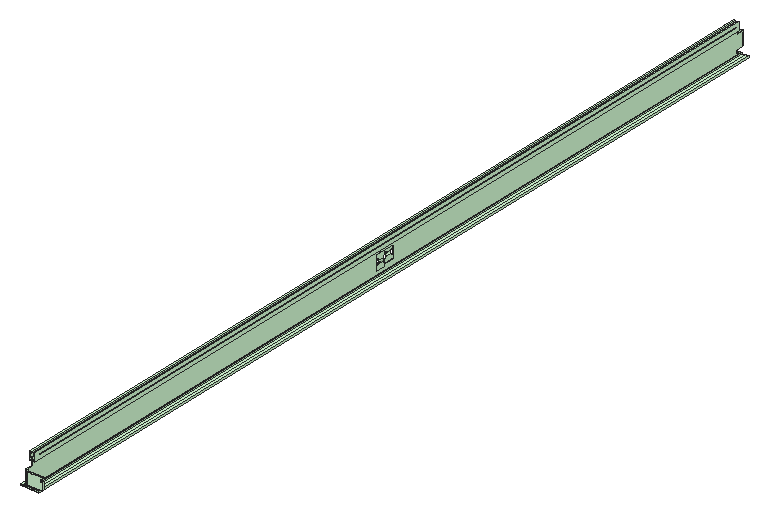
Revit family "et4025_maincross_600", category 機械設備, Revit 2022
Family settings
  丸型コネクタ寸法 = 直径を使用
  種別 = なし
  パーツ タイプ = 標準
  作業面ベース = いいえ
  常に垂直 = はい
  ロード時にボイドで切り取り = いいえ
  注釈の向きを維持 = いいえ
  共有 = いいえ
  部屋計算ポイント = いいえ
Parameters
  製造元 = "株式会社桐井製作所"
  既定の高さ = 0 mm
  URL = "https://www.kirii.co.jp/"
  K_長さ(mm) = 1200 mm
  K_材質 = "溶融亜鉛めっき鋼板及び鋼帯SGCC 一般用　カラー鋼板"
  K_品名 = "eTバー4025メインクロス(600グリッド用)"
  K_名称 = "Tバー"
  K_入数 = "25"
  K_バージョン情報 = "20220915"
  K_めっき付着量 = "JIS G 3302 Z12、カラー鋼板　塗装膜厚20μ(白色)"
  K_JIS規格 = "JIS G 3302"
Reference planes
  plane 1 "中心(正面/背面)": y = 0
  plane 2: z = 0
  plane 3 "中心(左/右)": x = 0
  plane 4: y = 1200
Forms (mm)
  Extrusion 1, solid
    sketch origin (0, -1320, 7.1) x (-1, 0, 0) y (0, 0, 1)
      loop
        line (0.65, 26.532) -> (2.4, 24.9) -> (3.5, 24.9) -> (3.5, 34.9) -> (1.403, 34.9) -> (1.403, 33.4) -> (2.203, 33.4) -> (2.141, 29.141) -> (1.059, 28.059) -> (-0.917, 28) -> (-2.141, 29.141) -> (-2.203, 33.4) -> (-1.403, 33.4) -> (-1.403, 34.9) -> (-3.5, 34.9) -> (-3.5, 24.9) -> (-2.4, 24.9) -> (-0.65, 26.476) -> (-0.65, -5.1) -> (-2.488, -5.1) -> (-2.488, -4.3) -> (-3.5, -4.3) -> (-3.5, -5.9) -> (-8.5, -5.9) -> (-8.5, -5.1) -> (-12.5, -5.1) -> (-12.5, -7.1) -> (12.5, -7.1) -> (12.5, -5.1) -> (8.5, -5.1) -> (8.5, -5.9) -> (3.5, -5.9) -> (3.5, -4.3) -> (2.488, -4.3) -> (2.488, -5.1) -> (0.65, -5.1) -> (0.65, 26.532)
    from 1320 to 2520
  Extrusion 2, void
    sketch origin (0.4, 300, 31.85) x (0, 0, 1) y (0, 1, 0)
      loop
        line (-5.5, 284.4) -> (-5.5, 315.6) -> (-23.1, 315.6) -> (-23.1, 284.4) -> (-5.5, 284.4)
    from -0.25 to 1.05
  Extrusion 3, void
    sketch origin (0, 0, 0) x (0, 1, 0) y (0, 0, 1)
      loop
        line (5, 41.941) -> (0, 41.941) -> (0, 25.9) -> (5, 25.9) -> (5, 41.941)
    from -3.77 to 3.77
  Extrusion 4, solid
    sketch origin (-0.114, 0, 16.166) x (1, 0, 0) y (0, 1, 0)
      loop
        line (24.214, -7.2) -> (24.214, -5.9) -> (1.464, -5.9)
        arc (1.464, -5.9) -> (0.969, -5.695) -> (0.764, -5.2) r 0.7
        line (0.764, -5.2) -> (0.764, 0) -> (-0.536, 0) -> (-0.536, -5.2)
        arc (-0.536, -5.2) -> (0.05, -6.614) -> (1.464, -7.2) r 2
        line (1.464, -7.2) -> (24.214, -7.2)
    from -8.266 to 9.734
  Extrusion 5, void
    sketch origin (0, 0, -7.234) x (1, 0, 0) y (0, 0, 1)
      loop
        line (2.6, 31.999) -> (23.1, 31.999)
        arc (23.1, 31.999) -> (23.807, 31.706) -> (24.1, 30.999) r 1
        line (24.1, 30.999) -> (24.1, 33.134) -> (2.6, 33.134) -> (2.6, 31.999)
    from 5.9 to 7.2
  Extrusion 6, void
    sketch origin (0, 0, -7.234) x (1, 0, 0) y (0, 0, 1)
      loop
        line (24.1, 26.599) -> (24.1, 28.599) -> (21.1, 28.599) -> (21.1, 26.599) -> (24.1, 26.599)
    from 5.9 to 7.2
  Extrusion 7, void
    sketch origin (0, 0, 0) x (0, 1, 0) y (0, 0, 1)
      loop
        line (6.9, 7.833) -> (0, 7.833) -> (0, 2.8) -> (6.9, 2.8) -> (6.9, 7.833)
    from -0.65 to 0.65
  Extrusion 8, void
    sketch origin (0, 1200, 0) x (0, -1, 0) y (0, 0, -1)
      loop
        line (5, -41.941) -> (5, -25.737) -> (0, -25.737) -> (0, -41.941) -> (5, -41.941)
    from -3.77 to 3.77
  Extrusion 9, void
    sketch origin (0, 1200, 0) x (0, -1, 0) y (0, 0, -1)
      loop
        line (6.9, -7.833) -> (6.9, -2.8) -> (0, -2.8) -> (0, -7.833) -> (6.9, -7.833)
    from -0.65 to 0.65
  Extrusion 10, solid
    sketch origin (0.114, 1200, 16.166) x (-1, 0, 0) y (0, -1, 0)
      loop
        line (24.214, -7.2) -> (24.214, -5.9) -> (1.464, -5.9)
        arc (1.464, -5.9) -> (0.969, -5.695) -> (0.764, -5.2) r 0.7
        line (0.764, -5.2) -> (0.764, 0) -> (-0.536, 0) -> (-0.536, -5.2)
        arc (-0.536, -5.2) -> (0.05, -6.614) -> (1.464, -7.2) r 2
        line (1.464, -7.2) -> (24.214, -7.2)
    from -8.334 to 9.571
  Extrusion 11, void
    sketch origin (0, 1200, -7.234) x (-1, 0, 0) y (0, 0, 1)
      loop
        line (24.1, 26.599) -> (24.1, 28.599) -> (21.1, 28.599) -> (21.1, 26.599) -> (24.1, 26.599)
    from 5.9 to 7.2
  Extrusion 12, void
    sketch origin (0, 1200, -8.099) x (-1, 0, 0) y (0, 0, 1)
      loop
        line (24.1, 15.931) -> (24.1, 17.999)
        arc (24.1, 17.999) -> (23.231, 17.237) -> (22.1, 16.999) r 2.28
        line (22.1, 16.999) -> (2.6, 16.999) -> (2.6, 15.931) -> (24.1, 15.931)
    from 5.9 to 7.2
  Extrusion 13, void
    sketch origin (0, 1213.6, -7.396) x (-1, 0, 0) y (0, 0, -1)
      loop
        line (2.6, -31.999) -> (2.6, -33.134) -> (24.1, -33.134) -> (24.1, -30.999)
        arc (24.1, -30.999) -> (23.807, -31.706) -> (23.1, -31.999) r 1
        line (23.1, -31.999) -> (2.6, -31.999)
    from 6.4 to 7.7
  Extrusion 14, void
    sketch origin (0, -13.6, -8.031) x (1, 0, 0) y (0, 0, -1)
      loop
        line (24.1, -15.931) -> (2.6, -15.931) -> (2.6, -16.999) -> (22.1, -16.999)
        arc (22.1, -16.999) -> (23.231, -17.237) -> (24.1, -17.999) r 2.28
        line (24.1, -17.999) -> (24.1, -15.931)
    from 6.4 to 7.7
  Extrusion 15, void
    sketch origin (0.4, 318.192, 32.162) x (0, 0, 1) y (0, 1, 0)
      loop
        line (-19.9, 284.4) -> (-8.7, 284.4)
        arc (-8.7, 284.4) -> (-14.3, 287.9) -> (-19.9, 284.4) r 6.23
      loop
        line (-8.7, 297.4) -> (-19.9, 297.4)
        arc (-19.9, 297.4) -> (-14.3, 293.9) -> (-8.7, 297.4) r 6.23
    from 1.2 to 3.447
  Extrusion 16, solid
    sketch origin (0.081, 318.2, -6.51) x (1, 0, 0) y (0, 0, 1)
      loop
        line (-0.387, 33.66) -> (-2.087, 33.66) -> (-2.087, 26.56)
        arc (-2.087, 26.56) -> (-3.087, 24.26) -> (-2.088, 21.96) r 3.145
        line (-2.088, 21.96) -> (-2.087, 14.46) -> (-0.387, 14.46) -> (-0.387, 15.26) -> (-1.487, 15.26) -> (-1.487, 22.238)
        arc (-1.487, 22.238) -> (-2.487, 24.267) -> (-1.476, 26.291) r 2.545
        line (-1.476, 26.291) -> (-1.476, 32.86) -> (-0.387, 32.86) -> (-0.387, 33.66)
    from -297.4 to -284.4
  Extrusion 17, solid
    sketch origin (-0.081, 300, -6.51) x (-1, 0, 0) y (0, 0, -1)
      loop
        line (-0.387, -33.66) -> (-0.387, -32.86) -> (-1.476, -32.86) -> (-1.476, -26.291)
        arc (-1.476, -26.291) -> (-2.487, -24.267) -> (-1.487, -22.238) r 2.545
        line (-1.487, -22.238) -> (-1.487, -15.26) -> (-0.387, -15.26) -> (-0.387, -14.46) -> (-2.087, -14.46) -> (-2.088, -21.96)
        arc (-2.088, -21.96) -> (-3.087, -24.26) -> (-2.087, -26.56) r 3.145
        line (-2.087, -26.56) -> (-2.087, -33.66) -> (-0.387, -33.66)
    from -297.4 to -284.4
  Extrusion 18, void
    sketch origin (-0.4, 299.992, 32.163) x (0, 0, 1) y (0, -1, 0)
      loop
        arc (-19.9, -284.4) -> (-14.3, -287.9) -> (-8.7, -284.4) r 6.23
        line (-8.7, -284.4) -> (-19.9, -284.4)
      loop
        arc (-8.7, -297.4) -> (-14.3, -293.9) -> (-19.9, -297.4) r 6.23
        line (-19.9, -297.4) -> (-8.7, -297.4)
    from 1.2 to 3.447
Cuts and joins
  Extrusion 2, Extrusion 3, Extrusion 7, Extrusion 8, Extrusion 9, Extrusion 13, Extrusion 14 cuts Extrusion 1
  Extrusion 5, Extrusion 6, Extrusion 13, Extrusion 14 cuts Extrusion 4
  Extrusion 11, Extrusion 12, Extrusion 13, Extrusion 14 cuts Extrusion 10
  Extrusion 15 cuts Extrusion 16
  Extrusion 18 cuts Extrusion 17
  joined: Extrusion 1, Extrusion 4, Extrusion 10, Extrusion 16, Extrusion 17
Dimensions and locks
  plane 4 to plane 1 "中心(正面/背面)" = 1200 mm
  aligned and locked: level to plane 2
  aligned and locked: plane 4 to Extrusion 1
